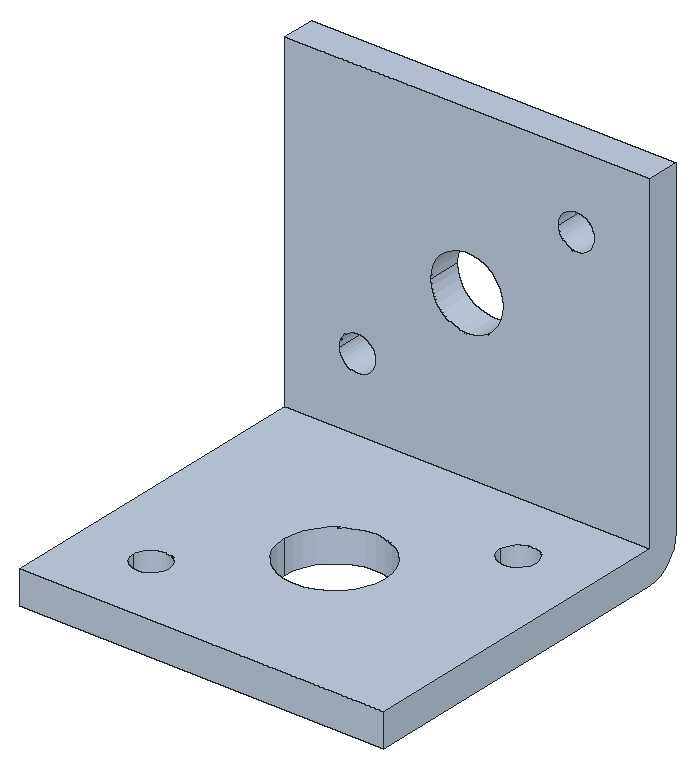
Revit family "APp", category 機械設備, Revit 2020
Family settings
  丸型コネクタ寸法 = 直径を使用
  パーツ タイプ = 標準
  OmniClass 番号 = 23.75.00.00
  OmniClass タイトル = Climate Control (HVAC)
  作業面ベース = いいえ
  常に垂直 = はい
  ロード時にボイドで切り取り = いいえ
  共有 = いいえ
  部屋計算ポイント = いいえ
Parameters (values of type "50x50x50x4.5")
  ｱﾝｸﾞﾙﾋﾟｰｽ ﾏﾃﾘｱﾙ = 溶融亜鉛メッキ
  製造元 = "株式会社サンユー"
  既定の高さ = 0 mm
  t = 4.5 mm
  r = 7 mm
  e = 15 mm
  d = 12.75 mm
  c = 10 mm
  b = 12.75 mm
  a = 10 mm
  URL = "http://www.3you.co.jp"
  L = 50 mm
  H = 50 mm
  D = 50 mm
Types (5, lengths in mm): name | t | r | e | d | c | b | a | L | H | D
  (no name) | 4.5 | 7 | 15 | 12.75 | 10 | 12.75 | 10 | 50 | 50 | 50
  50x50x75x4.5 | 4.5 | 7 | 25 | 12.75 | 10 | 12.75 | 10 | 75 | 50 | 50
  50x50x50x4.5 | 4.5 | 7 | 15 | 12.75 | 10 | 12.75 | 10 | 50 | 50 | 50
  35x30x50x3.2 | 3.2 | 7 | 16.25 | 7.5 | 7.5 | 8.75 | 8.75 | 50 | 30 | 35
  35x30x35x3.2 | 3.2 | 5 | 11 | 7.5 | 7.5 | 8.75 | 8.75 | 35 | 30 | 35
Reference planes
  plane 1 "中心(正面/背面)": y = 0
  plane 2: z = 0
  plane 3 "中心(左/右)": x = 0
  plane 4: x = -25
  plane 5: z = 50
  plane 6: x = 25
  plane 7: z = 40
  plane 8: z = 27.25
  plane 9: z = 14.5
  plane 10: z = 4.5
  plane 11: x = -15
  plane 12: x = 15
  plane 13: y = -4.5
  plane 14: y = -14.5
  plane 15: y = -27.25
  plane 16: y = -40
  plane 17: y = -50
Forms (mm)
  Extrusion 1, solid, material "溶融亜鉛メッキ" <- "ｱﾝｸﾞﾙﾋﾟｰｽ ﾏﾃﾘｱﾙ"
    sketch origin (0, 0, 0) x (1, 0, 0) y (0, 0, 1)
      loop
        line (-25, 50) -> (-25, 0) -> (25, 0) -> (25, 50) -> (-25, 50)
      loop
        circle (-15, 14.5) r 2.5
      loop
        circle (0, 27.25) r 5
      loop
        circle (15, 40) r 2.5
    from 0 to 4.5
  Extrusion 2, solid, material "溶融亜鉛メッキ" <- "ｱﾝｸﾞﾙﾋﾟｰｽ ﾏﾃﾘｱﾙ"
    sketch origin (0, 0, 0) x (1, 0, 0) y (0, 1, 0)
      loop
        line (-25, -4.5) -> (-25, -50) -> (25, -50) -> (25, -4.5) -> (-25, -4.5)
      loop
        circle (15, -14.5) r 2.5
      loop
        circle (-15, -40) r 2.5
      loop
        circle (0, -27.25) r 7
    from 0 to 4.5
  Extrusion 3, void
    sketch origin (0, 0, 0) x (0, 1, 0) y (0, 0, 1)
      loop
        arc (0, 4.5) -> (-1.318, 1.318) -> (-4.5, 0) r 4.5
        line (-4.5, 0) -> (0, 0) -> (0, 4.5)
    from -25 to 25
Cuts and joins
  Extrusion 3 cuts Extrusion 1
  joined: Extrusion 1, Extrusion 2
Dimensions and locks
  equal spacing: plane 6, plane 3 "中心(左/右)", plane 4
  "H": plane 5 to plane 2
  "L": plane 6 to plane 4
  "t": plane 10 to plane 2
  "e": plane 12 to plane 3 "中心(左/右)" to plane 11
  "D": plane 17 to plane 1 "中心(正面/背面)"
  "t": plane 13 to plane 1 "中心(正面/背面)"
  "a": plane 16 to plane 17
  "b": plane 14 to plane 15 to plane 16
  "c": plane 5 to plane 7
  "d": plane 7 to plane 8 to plane 9
  "r": radius of Extrusion 2 sketch curve
  aligned and locked: level to plane 2
  aligned and locked: Extrusion 3 to plane 4
  aligned and locked: Extrusion 3 to plane 6
  aligned and locked: plane 10 to cut or joined group of Extrusion 1, Extrusion 2, Extrusion 3
  aligned and locked: cut or joined group of Extrusion 1, Extrusion 2, Extrusion 3 to plane 13
Automatic sketch dimensions
  Extrusion 1 sketch curve to plane 4 = 0 mm
  Extrusion 1 sketch curve to plane 9 = 0 mm
  Extrusion 1 sketch curve to plane 11 = 0 mm
  Extrusion 1 sketch curve to plane 3 "中心(左/右)" = 0 mm
  Extrusion 1 sketch curve to plane 7 = 0 mm
  plane 12 to Extrusion 1 sketch curve = 0 mm
  Extrusion 1 sketch curve to level = 0 mm
  plane 6 to Extrusion 1 sketch curve = 0 mm
  Extrusion 1 sketch curve to plane 8 = 0 mm
  Extrusion 1 sketch curve to plane 5 = 0 mm
  Extrusion 3 sketch curve to plane 10 = 0 mm
  Extrusion 3 sketch curve to level = 0 mm
  Extrusion 3 sketch curve to plane 1 "中心(正面/背面)" = 0 mm
  Extrusion 2 sketch curve to plane 4 = 0 mm
  Extrusion 2 sketch curve to plane 11 = 0 mm
  Extrusion 2 sketch curve to plane 3 "中心(左/右)" = 0 mm
  Extrusion 2 sketch curve to plane 12 = 0 mm
  Extrusion 2 sketch curve to plane 6 = 0 mm
  Extrusion 2 sketch curve to plane 17 = 0 mm
  Extrusion 2 sketch curve to plane 16 = 0 mm
  Extrusion 2 sketch curve to plane 15 = 0 mm
  Extrusion 2 sketch curve to plane 14 = 0 mm
  Extrusion 2 sketch curve to plane 13 = 0 mm
  radius of Extrusion 1 sketch curve = 2.5 mm  (x2)
  radius of Extrusion 1 sketch curve = 5 mm
  radius of Extrusion 2 sketch curve = 2.5 mm  (x2)
